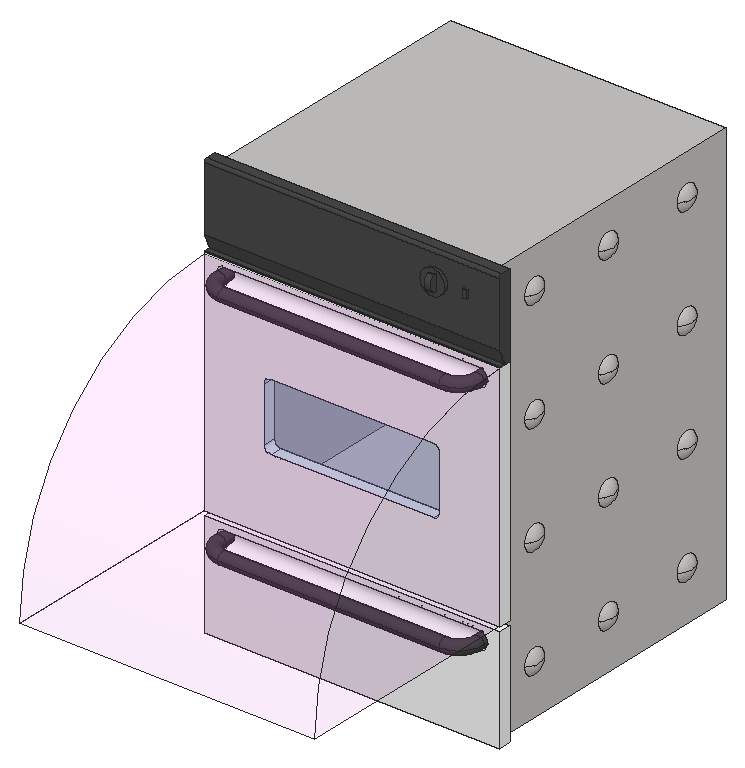
Revit family "QF_Summit_WTM7212KW_Oven", category Specialty Equipment, Revit 2020
Family settings
  Round Connector Dimension = Use Diameter
  Part Type = Normal
  Work Plane-Based = No
  Always vertical = Yes
  Cut with Voids When Loaded = No
  Shared = No
  Room Calculation Point = No
Parameters
  Weight in Pounds = 140
  Watts = if(Phase = 3, Volts * FL Amps * 1.73, Volts * FL Amps)  # 414 W
  Volts = 115 V
  URL Cutsheet = ""
  Specification by User = ""
  Specification by Manufacturer = ""
  Show Clearance [instance] = yes
  Serial Number = ""
  Seismic Rating = ""
  SMACNA No = ""
  Revision Code = ""
  Phase = 1
  Number of Poles = 1
  NAFEM Spec ID Number = ""
  Model = "WTM7212KW"
  Min Ckt Ampacity = 0 A
  Max Overcurrent Protection = 0 A
  Masterspec = ""
  Manufacturer = "Summit"
  Length = 24"
  Item Number = ""
  Installed By = ""
  Identify Quantity as Lot = yes
  Height = 34 1/2"
  HP = ""
  Furnished By = ""
  Foodservice Equipment Identifier = yes
  FL Amps = 3.6 A
  Electrical Remarks = ""
  Electric Connection Type = ""
  Elec Conn RI Height = 0"
  Elec Conn Connection Height = 0"
  Description = "Oven"
  Depth = 24"
  Default Elevation = 0"
  Cycle = 60 Hz
  Conn Plug = ""
  Conn Conduit = yes
  CSI MasterFormat = ""
  Apparent Power = if(Phase = 3, Volts * FL Amps * 1.73, Volts * FL Amps)  # 414 VA
Reference planes (in)
  plane 1 "BACK": y = 0
  plane 2: z = 0
  plane 3 "LEFT": x = 0
  plane 4 "RIGHT": x = 24
  plane 5 "FRONT": y = -24
  plane 6 "TOP": z = 34.875
  plane 7 "Center Y": x = 12
  plane 8 "Center X": y = -12
  plane 9: y = -23
  plane 10: y = -26.375
  plane 11: z = 27.75
  plane 12: z = 8.5
  plane 13: z = 8.875
  plane 14: y = -42.75
  plane 15: z = 34.5
Forms (in)
  Extrusion 1, solid, material "QF_Metal_Stainless_Polished"
    sketch origin (0, 0, 0) x (1, 0, 0) y (0, 1, 0)
      loop
        line (0.8125, 0) -> (0.8125, -23) -> (23.1875, -23) -> (23.1875, 0) -> (0.8125, 0)
    from 0 to 34.375
  Extrusion 2, solid, material "QF_Plastic_White_Smooth"
    sketch origin (0, -24, 0.125) x (1, 0, 0) y (0, 0, 1)
      loop
        line (0, 8.375) -> (0, -0.125) -> (24, -0.125) -> (24, 8.375) -> (0, 8.375)
      loop
        line (0, 8.75) -> (24, 8.75) -> (24, 27.625) -> (0, 27.625) -> (0, 8.75)
    from 0 to -1
  Extrusion 3, solid, material "QF_Plastic_Black_Smooth"
    sketch origin (0, 0, 0) x (0, 1, 0) y (0, 0, 1)
      loop
        line (-23, 34.5) -> (-23.75, 34.5)
        arc (-23.75, 34.5) -> (-23.92678, 34.42678) -> (-24, 34.25) r 0.25
        line (-24, 34.25) -> (-24, 29) -> (-23.5, 27.79419) -> (-24, 27.79419) -> (-24, 27.75) -> (-23, 27.75) -> (-23, 34.5)
    from 0 to 24
  Revolve 4, void
    sketch origin (0, -0.05469, 26.49744) x (1, 0, 0) y (0, 1, 0)
      loop
        line (1, -24.15625) -> (23, -24.15625) -> (23, -24.00262)
        arc (23, -24.00262) -> (22.82068, -23.56969) -> (22.38775, -23.39037) r 0.61225
        line (22.38775, -23.39037) -> (1.61225, -23.39037)
        arc (1.61225, -23.39037) -> (1.17932, -23.56969) -> (1, -24.00262) r 0.61225
        line (1, -24.00262) -> (1, -24.15625)
      axis (23, -24.15625) -> (1, -24.15625)
    angle from -134.169 to 145.733
  Revolve 5, void
    sketch origin (0, -0.05469, 7.32557) x (1, 0, 0) y (0, 1, 0)
      loop
        line (1, -24.15625) -> (23, -24.15625) -> (23, -24.00262)
        arc (23, -24.00262) -> (22.82068, -23.56969) -> (22.38775, -23.39037) r 0.61225
        line (22.38775, -23.39037) -> (1.61225, -23.39037)
        arc (1.61225, -23.39037) -> (1.17932, -23.56969) -> (1, -24.00262) r 0.61225
        line (1, -24.00262) -> (1, -24.15625)
      axis (23, -24.15625) -> (1, -24.15625)
    angle from -134.169 to 145.733
  Sweep 6, solid, material "QF_Metal_Black"
    path origin (0, 0, 0) x (1, 0, 0) y (0, 1, 0)
      loop
        line (1, -23.5) -> (1, -24.375)
        arc (1, -24.375) -> (1.58579, -25.78921) -> (3, -26.375) r 2
        line (3, -26.375) -> (21, -26.375)
        arc (21, -26.375) -> (22.41421, -25.78921) -> (23, -24.375) r 2
        line (23, -24.375) -> (23, -23.5)
    profile origin (12, -26.375, 0) x (0, 1, 0) y (0, 0, 1)
      loop
        circle (0.5, 26.5) r 0.5
  Sweep 7, solid, material "QF_Metal_Black"
    path origin (0, 0, -19.17187) x (1, 0, 0) y (0, 1, 0)
      loop
        line (1, -23.5) -> (1, -24.375)
        arc (1, -24.375) -> (1.58579, -25.78921) -> (3, -26.375) r 2
        line (3, -26.375) -> (21, -26.375)
        arc (21, -26.375) -> (22.41421, -25.78921) -> (23, -24.375) r 2
        line (23, -24.375) -> (23, -23.5)
    profile origin (12, -26.375, -19.17187) x (0, 1, 0) y (0, 0, 1)
      loop
        circle (0.5, 26.5) r 0.5
  Extrusion 8, solid, material "QF_Plastic_Black_Smooth"
    sketch origin (20.91227, -24, 32.63936) x (0, 0, 1) y (0, -1, 0)
      loop
        line (-0.12746, 0) -> (-0.12746, 0.10905)
        arc (-0.12746, 0.10905) -> (-0.44721, 0.08236) -> (-0.76795, 0.07343) r 5.7865
        line (-0.76795, 0.07343) -> (-0.76795, 0) -> (-0.12746, 0)
    from 0.1968 to 0.4972
  Extrusion 9, solid, material "QF_Plastic_Black_Smooth"
    sketch origin (0, -24, 29) x (0, 0, 1) y (-1, 0, 0)
      loop
        circle (3.25, -18.75) r 1
    from 0 to 0.25
  Extrusion 10, solid, material "QF_Plastic_Black_Smooth"
    sketch origin (-0.04382, 0, 0) x (0, 1, 0) y (0, 0, 1)
      loop
        line (-24.25, 32.91606) -> (-24.40555, 32.91606)
        arc (-24.40555, 32.91606) -> (-24.75, 32.2654) -> (-24.40555, 31.61474) r 0.78677
        line (-24.40555, 31.61474) -> (-24.25, 31.61474) -> (-24.25, 32.91606)
    from 19.04382 to 18.54382
  Revolve 11, solid, material "QF_Metal_Stainless_Polished"
    sketch origin (0, 0, 4.125) x (1, 0, 0) y (0, 1, 0)
      loop
        line (23.1875, -4) -> (23.6875, -4)
        arc (23.6875, -4) -> (23.55162, -3.44294) -> (23.1875, -3) r 1.28845
        line (23.1875, -3) -> (23.1875, -4)
      axis (23.1875, -4) -> (23.6875, -4)
    angle from 0 to 360
  Revolve 12, solid, material "QF_Metal_Stainless_Polished"
    sketch origin (0, 0, 13.125) x (1, 0, 0) y (0, 1, 0)
      loop
        line (23.1875, -4) -> (23.6875, -4)
        arc (23.6875, -4) -> (23.55162, -3.44294) -> (23.1875, -3) r 1.28845
        line (23.1875, -3) -> (23.1875, -4)
      axis (23.1875, -4) -> (23.6875, -4)
    angle from 0 to 360
  Revolve 13, solid, material "QF_Metal_Stainless_Polished"
    sketch origin (0, 0, 22.125) x (1, 0, 0) y (0, 1, 0)
      loop
        line (23.1875, -4) -> (23.6875, -4)
        arc (23.6875, -4) -> (23.55162, -3.44294) -> (23.1875, -3) r 1.28845
        line (23.1875, -3) -> (23.1875, -4)
      axis (23.1875, -4) -> (23.6875, -4)
    angle from 0 to 360
  Revolve 14, solid, material "QF_Metal_Stainless_Polished"
    sketch origin (0, 0, 31.125) x (1, 0, 0) y (0, 1, 0)
      loop
        line (23.1875, -4) -> (23.6875, -4)
        arc (23.6875, -4) -> (23.55162, -3.44294) -> (23.1875, -3) r 1.28845
        line (23.1875, -3) -> (23.1875, -4)
      axis (23.1875, -4) -> (23.6875, -4)
    angle from 0 to 360
  Revolve 15, solid, material "QF_Metal_Stainless_Polished"
    sketch origin (0, -8, 31.125) x (1, 0, 0) y (0, 1, 0)
      loop
        line (23.1875, -4) -> (23.6875, -4)
        arc (23.6875, -4) -> (23.55162, -3.44294) -> (23.1875, -3) r 1.28845
        line (23.1875, -3) -> (23.1875, -4)
      axis (23.1875, -4) -> (23.6875, -4)
    angle from 0 to 360
  Revolve 16, solid, material "QF_Metal_Stainless_Polished"
    sketch origin (0, -15.5, 31.125) x (1, 0, 0) y (0, 1, 0)
      loop
        line (23.1875, -4) -> (23.6875, -4)
        arc (23.6875, -4) -> (23.55162, -3.44294) -> (23.1875, -3) r 1.28845
        line (23.1875, -3) -> (23.1875, -4)
      axis (23.1875, -4) -> (23.6875, -4)
    angle from 0 to 360
  Revolve 17, solid, material "QF_Metal_Stainless_Polished"
    sketch origin (0, -8, 4.125) x (1, 0, 0) y (0, 1, 0)
      loop
        line (23.1875, -4) -> (23.6875, -4)
        arc (23.6875, -4) -> (23.55162, -3.44294) -> (23.1875, -3) r 1.28845
        line (23.1875, -3) -> (23.1875, -4)
      axis (23.1875, -4) -> (23.6875, -4)
    angle from 0 to 360
  Revolve 18, solid, material "QF_Metal_Stainless_Polished"
    sketch origin (0, -8, 13.125) x (1, 0, 0) y (0, 1, 0)
      loop
        line (23.1875, -4) -> (23.6875, -4)
        arc (23.6875, -4) -> (23.55162, -3.44294) -> (23.1875, -3) r 1.28845
        line (23.1875, -3) -> (23.1875, -4)
      axis (23.1875, -4) -> (23.6875, -4)
    angle from 0 to 360
  Revolve 19, solid, material "QF_Metal_Stainless_Polished"
    sketch origin (0, -8, 22.125) x (1, 0, 0) y (0, 1, 0)
      loop
        line (23.1875, -4) -> (23.6875, -4)
        arc (23.6875, -4) -> (23.55162, -3.44294) -> (23.1875, -3) r 1.28845
        line (23.1875, -3) -> (23.1875, -4)
      axis (23.1875, -4) -> (23.6875, -4)
    angle from 0 to 360
  Revolve 20, solid, material "QF_Metal_Stainless_Polished"
    sketch origin (0, -15.5, 4.125) x (1, 0, 0) y (0, 1, 0)
      loop
        line (23.1875, -4) -> (23.6875, -4)
        arc (23.6875, -4) -> (23.55162, -3.44294) -> (23.1875, -3) r 1.28845
        line (23.1875, -3) -> (23.1875, -4)
      axis (23.1875, -4) -> (23.6875, -4)
    angle from 0 to 360
  Revolve 21, solid, material "QF_Metal_Stainless_Polished"
    sketch origin (0, -15.5, 13.125) x (1, 0, 0) y (0, 1, 0)
      loop
        line (23.1875, -4) -> (23.6875, -4)
        arc (23.6875, -4) -> (23.55162, -3.44294) -> (23.1875, -3) r 1.28845
        line (23.1875, -3) -> (23.1875, -4)
      axis (23.1875, -4) -> (23.6875, -4)
    angle from 0 to 360
  Revolve 22, solid, material "QF_Metal_Stainless_Polished"
    sketch origin (0, -15.5, 22.125) x (1, 0, 0) y (0, 1, 0)
      loop
        line (23.1875, -4) -> (23.6875, -4)
        arc (23.6875, -4) -> (23.55162, -3.44294) -> (23.1875, -3) r 1.28845
        line (23.1875, -3) -> (23.1875, -4)
      axis (23.1875, -4) -> (23.6875, -4)
    angle from 0 to 360
  Revolve 23, solid, material "QF_Metal_Stainless_Polished"
    sketch origin (24, 0, 4.125) x (-1, 0, 0) y (0, -1, 0)
      loop
        line (23.1875, 4) -> (23.1875, 3)
        arc (23.1875, 3) -> (23.55162, 3.44294) -> (23.6875, 4) r 1.28845
        line (23.6875, 4) -> (23.1875, 4)
      axis (23.1875, 4) -> (23.6875, 4)
    angle from 0 to 360
  Revolve 24, solid, material "QF_Metal_Stainless_Polished"
    sketch origin (24, 0, 13.125) x (-1, 0, 0) y (0, -1, 0)
      loop
        line (23.1875, 4) -> (23.1875, 3)
        arc (23.1875, 3) -> (23.55162, 3.44294) -> (23.6875, 4) r 1.28845
        line (23.6875, 4) -> (23.1875, 4)
      axis (23.1875, 4) -> (23.6875, 4)
    angle from 0 to 360
  Revolve 25, solid, material "QF_Metal_Stainless_Polished"
    sketch origin (24, 0, 22.125) x (-1, 0, 0) y (0, -1, 0)
      loop
        line (23.1875, 4) -> (23.1875, 3)
        arc (23.1875, 3) -> (23.55162, 3.44294) -> (23.6875, 4) r 1.28845
        line (23.6875, 4) -> (23.1875, 4)
      axis (23.1875, 4) -> (23.6875, 4)
    angle from 0 to 360
  Revolve 26, solid, material "QF_Metal_Stainless_Polished"
    sketch origin (24, 0, 31.125) x (-1, 0, 0) y (0, -1, 0)
      loop
        line (23.1875, 4) -> (23.1875, 3)
        arc (23.1875, 3) -> (23.55162, 3.44294) -> (23.6875, 4) r 1.28845
        line (23.6875, 4) -> (23.1875, 4)
      axis (23.1875, 4) -> (23.6875, 4)
    angle from 0 to 360
  Revolve 27, solid, material "QF_Metal_Stainless_Polished"
    sketch origin (24, -8, 31.125) x (-1, 0, 0) y (0, -1, 0)
      loop
        line (23.1875, 4) -> (23.1875, 3)
        arc (23.1875, 3) -> (23.55162, 3.44294) -> (23.6875, 4) r 1.28845
        line (23.6875, 4) -> (23.1875, 4)
      axis (23.1875, 4) -> (23.6875, 4)
    angle from 0 to 360
  Revolve 28, solid, material "QF_Metal_Stainless_Polished"
    sketch origin (24, -15.5, 31.125) x (-1, 0, 0) y (0, -1, 0)
      loop
        line (23.1875, 4) -> (23.1875, 3)
        arc (23.1875, 3) -> (23.55162, 3.44294) -> (23.6875, 4) r 1.28845
        line (23.6875, 4) -> (23.1875, 4)
      axis (23.1875, 4) -> (23.6875, 4)
    angle from 0 to 360
  Revolve 29, solid, material "QF_Metal_Stainless_Polished"
    sketch origin (24, -8, 4.125) x (-1, 0, 0) y (0, -1, 0)
      loop
        line (23.1875, 4) -> (23.1875, 3)
        arc (23.1875, 3) -> (23.55162, 3.44294) -> (23.6875, 4) r 1.28845
        line (23.6875, 4) -> (23.1875, 4)
      axis (23.1875, 4) -> (23.6875, 4)
    angle from 0 to 360
  Revolve 30, solid, material "QF_Metal_Stainless_Polished"
    sketch origin (24, -8, 13.125) x (-1, 0, 0) y (0, -1, 0)
      loop
        line (23.1875, 4) -> (23.1875, 3)
        arc (23.1875, 3) -> (23.55162, 3.44294) -> (23.6875, 4) r 1.28845
        line (23.6875, 4) -> (23.1875, 4)
      axis (23.1875, 4) -> (23.6875, 4)
    angle from 0 to 360
  Revolve 31, solid, material "QF_Metal_Stainless_Polished"
    sketch origin (24, -8, 22.125) x (-1, 0, 0) y (0, -1, 0)
      loop
        line (23.1875, 4) -> (23.1875, 3)
        arc (23.1875, 3) -> (23.55162, 3.44294) -> (23.6875, 4) r 1.28845
        line (23.6875, 4) -> (23.1875, 4)
      axis (23.1875, 4) -> (23.6875, 4)
    angle from 0 to 360
  Revolve 32, solid, material "QF_Metal_Stainless_Polished"
    sketch origin (24, -15.5, 4.125) x (-1, 0, 0) y (0, -1, 0)
      loop
        line (23.1875, 4) -> (23.1875, 3)
        arc (23.1875, 3) -> (23.55162, 3.44294) -> (23.6875, 4) r 1.28845
        line (23.6875, 4) -> (23.1875, 4)
      axis (23.1875, 4) -> (23.6875, 4)
    angle from 0 to 360
  Revolve 33, solid, material "QF_Metal_Stainless_Polished"
    sketch origin (24, -15.5, 13.125) x (-1, 0, 0) y (0, -1, 0)
      loop
        line (23.1875, 4) -> (23.1875, 3)
        arc (23.1875, 3) -> (23.55162, 3.44294) -> (23.6875, 4) r 1.28845
        line (23.6875, 4) -> (23.1875, 4)
      axis (23.1875, 4) -> (23.6875, 4)
    angle from 0 to 360
  Revolve 34, solid, material "QF_Metal_Stainless_Polished"
    sketch origin (24, -15.5, 22.125) x (-1, 0, 0) y (0, -1, 0)
      loop
        line (23.1875, 4) -> (23.1875, 3)
        arc (23.1875, 3) -> (23.55162, 3.44294) -> (23.6875, 4) r 1.28845
        line (23.6875, 4) -> (23.1875, 4)
      axis (23.1875, 4) -> (23.6875, 4)
    angle from 0 to 360
  Extrusion 35, solid, material "QF_Metal_Stainless_Polished"
    sketch origin (0.8125, 0, 0) x (1, 0, 0) y (0, 0, -1)
      loop
        circle (11.1875, -33.47209) r 0.25
    from 0 to 0.0625
  Extrusion 36, void
    sketch origin (0, -24, 0.125) x (1, 0, 0) y (0, 0, 1)
      loop
        arc (19.125, 19.75) -> (18.97855, 20.10355) -> (18.625, 20.25) r 0.5
        line (18.625, 20.25) -> (5.375, 20.25)
        arc (5.375, 20.25) -> (5.02145, 20.10355) -> (4.875, 19.75) r 0.5
        line (4.875, 19.75) -> (4.875, 15.25)
        arc (4.875, 15.25) -> (5.02145, 14.89645) -> (5.375, 14.75) r 0.5
        line (5.375, 14.75) -> (18.625, 14.75)
        arc (18.625, 14.75) -> (18.97855, 14.89645) -> (19.125, 15.25) r 0.5
        line (19.125, 15.25) -> (19.125, 19.75)
    from 0.5311 to -1
  Extrusion 37, solid, material "Glass"
    sketch origin (0, -24, 0.125) x (1, 0, 0) y (0, 0, 1)
      loop
        arc (4.875, 15.25) -> (5.02145, 14.89645) -> (5.375, 14.75) r 0.5
        line (5.375, 14.75) -> (18.625, 14.75)
        arc (18.625, 14.75) -> (18.97855, 14.89645) -> (19.125, 15.25) r 0.5
        line (19.125, 15.25) -> (19.125, 19.75)
        arc (19.125, 19.75) -> (18.97855, 20.10355) -> (18.625, 20.25) r 0.5
        line (18.625, 20.25) -> (5.375, 20.25)
        arc (5.375, 20.25) -> (5.02145, 20.10355) -> (4.875, 19.75) r 0.5
        line (4.875, 19.75) -> (4.875, 15.25)
    from 0 to -1
  Extrusion 38, void
    sketch origin (0, 0, 0) x (1, 0, 0) y (0, 1, 0)
      loop
        line (2, -24.83785) -> (22, -24.83785) -> (22, -5) -> (2, -5) -> (2, -24.83785)
    from 8.875 to 27
  Extrusion 39, solid, material "QF_Clearances_Door_Drawer", visible <- "Show Clearance"
    sketch origin (0, 0, 0) x (0, 1, 0) y (0, 0, 1)
      loop
        line (-42.75, 8.875) -> (-24, 8.875) -> (-24, 27.625)
        arc (-24, 27.625) -> (-37.25825, 22.13325) -> (-42.75, 8.875) r 18.75
    from 0 to 24
Cuts and joins
  Revolve 4, Revolve 5, Extrusion 36 cuts Extrusion 2
  Extrusion 38 cuts Extrusion 1
Lines and regions (in)
  Split face 1
    outline origin (0, -24, 29) x (0, 0, 1) y (-1, 0, 0)
      loop
        arc (4.875, -1.25) -> (4.72855, -0.89645) -> (4.375, -0.75) r 0.5
        line (4.375, -0.75) -> (2.29419, -0.75)
        arc (2.29419, -0.75) -> (1.94064, -0.89645) -> (1.79419, -1.25) r 0.5
        line (1.79419, -1.25) -> (1.79419, -9)
        arc (1.79419, -9) -> (1.94064, -9.35355) -> (2.29419, -9.5) r 0.5
        line (2.29419, -9.5) -> (4.375, -9.5)
        arc (4.375, -9.5) -> (4.72855, -9.35355) -> (4.875, -9) r 0.5
        line (4.875, -9) -> (4.875, -1.25)
  Split face 2
    outline origin (0, -24, 29) x (0, 0, 1) y (-1, 0, 0)
      loop
        line (4.6875, -9) -> (4.6875, -1.25)
        arc (4.6875, -1.25) -> (4.59597, -1.02903) -> (4.375, -0.9375) r 0.3125
        line (4.375, -0.9375) -> (2.29419, -0.9375)
        arc (2.29419, -0.9375) -> (2.07322, -1.02903) -> (1.98169, -1.25) r 0.3125
        line (1.98169, -1.25) -> (1.98169, -9)
        arc (1.98169, -9) -> (2.07322, -9.22097) -> (2.29419, -9.3125) r 0.3125
        line (2.29419, -9.3125) -> (4.375, -9.3125)
        arc (4.375, -9.3125) -> (4.59597, -9.22097) -> (4.6875, -9) r 0.3125
  Split face 3
    outline origin (0, -24, 29) x (0, 0, 1) y (-1, 0, 0)
      loop
        arc (4.875, -10.54922) -> (4.72855, -10.19566) -> (4.375, -10.04922) r 0.5
        line (4.375, -10.04922) -> (2.29419, -10.04922)
        arc (2.29419, -10.04922) -> (1.94064, -10.19566) -> (1.79419, -10.54922) r 0.5
        line (1.79419, -10.54922) -> (1.79419, -22.6875)
        arc (1.79419, -22.6875) -> (1.94064, -23.04105) -> (2.29419, -23.1875) r 0.5
        line (2.29419, -23.1875) -> (4.375, -23.1875)
        arc (4.375, -23.1875) -> (4.72855, -23.04105) -> (4.875, -22.6875) r 0.5
        line (4.875, -22.6875) -> (4.875, -10.54922)
  Split face 4
    outline origin (0, -24, 29) x (0, 0, 1) y (-1, 0, 0)
      loop
        line (4.6875, -22.6875) -> (4.6875, -10.54922)
        arc (4.6875, -10.54922) -> (4.59597, -10.32825) -> (4.375, -10.23672) r 0.3125
        line (4.375, -10.23672) -> (2.29419, -10.23672)
        arc (2.29419, -10.23672) -> (2.07322, -10.32825) -> (1.98169, -10.54922) r 0.3125
        line (1.98169, -10.54922) -> (1.98169, -22.6875)
        arc (1.98169, -22.6875) -> (2.07322, -22.90847) -> (2.29419, -23) r 0.3125
        line (2.29419, -23) -> (4.375, -23)
        arc (4.375, -23) -> (4.59597, -22.90847) -> (4.6875, -22.6875) r 0.3125
  Split face 5
    outline origin (0, -24, 29) x (0, 0, 1) y (-1, 0, 0)
      loop
        line (3.61107, -3.77672) -> (2.86107, -3.77772) -> (2.86107, -6.76604) -> (3.61107, -6.76604) -> (3.61107, -3.77672)
  Split face 6
    outline origin (0, -24, 29) x (0, 0, 1) y (-1, 0, 0)
      loop
        arc (3.76732, -7.26422) -> (3.75267, -7.22887) -> (3.71732, -7.21422) r 0.05
        line (3.71732, -7.21422) -> (3.31732, -7.21422)
        arc (3.31732, -7.21422) -> (3.28196, -7.22887) -> (3.26732, -7.26422) r 0.05
        line (3.26732, -7.26422) -> (3.26732, -7.78922)
        arc (3.26732, -7.78922) -> (3.28196, -7.82458) -> (3.31732, -7.83922) r 0.05
        line (3.31732, -7.83922) -> (3.71732, -7.83922)
        arc (3.71732, -7.83922) -> (3.75267, -7.82458) -> (3.76732, -7.78922) r 0.05
        line (3.76732, -7.78922) -> (3.76732, -7.26422)
  Split face 7
    outline origin (0, -24, 29) x (0, 0, 1) y (-1, 0, 0)
      loop
        arc (3.20482, -7.26422) -> (3.19017, -7.22887) -> (3.15482, -7.21422) r 0.05
        line (3.15482, -7.21422) -> (2.75482, -7.21422)
        arc (2.75482, -7.21422) -> (2.71946, -7.22887) -> (2.70482, -7.26422) r 0.05
        line (2.70482, -7.26422) -> (2.70482, -7.78922)
        arc (2.70482, -7.78922) -> (2.71946, -7.82458) -> (2.75482, -7.83922) r 0.05
        line (2.75482, -7.83922) -> (3.15482, -7.83922)
        arc (3.15482, -7.83922) -> (3.19017, -7.82458) -> (3.20482, -7.78922) r 0.05
        line (3.20482, -7.78922) -> (3.20482, -7.26422)
  Split face 8
    outline origin (0, -24, 29) x (0, 0, 1) y (-1, 0, 0)
      loop
        line (3.76732, -3.28922) -> (3.76732, -2.76422)
        arc (3.76732, -2.76422) -> (3.75267, -2.72887) -> (3.71732, -2.71422) r 0.05
        line (3.71732, -2.71422) -> (3.31732, -2.71422)
        arc (3.31732, -2.71422) -> (3.28196, -2.72887) -> (3.26732, -2.76422) r 0.05
        line (3.26732, -2.76422) -> (3.26732, -3.28922)
        arc (3.26732, -3.28922) -> (3.28196, -3.32458) -> (3.31732, -3.33922) r 0.05
        line (3.31732, -3.33922) -> (3.71732, -3.33922)
        arc (3.71732, -3.33922) -> (3.75267, -3.32458) -> (3.76732, -3.28922) r 0.05
  Split face 9
    outline origin (0, -24, 29) x (0, 0, 1) y (-1, 0, 0)
      loop
        line (3.20482, -3.28922) -> (3.20482, -2.76422)
        arc (3.20482, -2.76422) -> (3.19017, -2.72887) -> (3.15482, -2.71422) r 0.05
        line (3.15482, -2.71422) -> (2.75482, -2.71422)
        arc (2.75482, -2.71422) -> (2.71946, -2.72887) -> (2.70482, -2.76422) r 0.05
        line (2.70482, -2.76422) -> (2.70482, -3.28922)
        arc (2.70482, -3.28922) -> (2.71946, -3.32458) -> (2.75482, -3.33922) r 0.05
        line (2.75482, -3.33922) -> (3.15482, -3.33922)
        arc (3.15482, -3.33922) -> (3.19017, -3.32458) -> (3.20482, -3.28922) r 0.05
  Split face 10
    outline origin (0, -24, 28.99886) x (0, 0, 1) y (-1, 0, 0)
      loop
        line (2.81005, -21.04657) -> (2.81005, -21.47197) -> (3.57418, -21.47197) -> (3.57418, -21.04657) -> (2.81005, -21.04657)
  Split face 11
    outline origin (0, -24, 29) x (0, 0, 1) y (-1, 0, 0)
      loop
        circle (3.35208, -16.21465) r 0.25
  Split face 12
    outline origin (0, -24, 29) x (0, 0, 1) y (-1, 0, 0)
      loop
        line (3.86007, -2.52672) -> (2.61107, -2.52672) -> (2.61107, -8.02672) -> (3.86007, -8.02572) -> (3.86007, -2.52672)
  Split face 13
    outline origin (0, -24, 29) x (0, 0, 1) y (-1, 0, 0)
      loop
        line (2.76785, -11.07996) -> (2.76785, -15.07996) -> (3.66458, -15.07996) -> (3.66458, -11.07996) -> (2.76785, -11.07996)
  Split face 14
    outline origin (0, -24, 29) x (0, 0, 1) y (-1, 0, 0)
      loop
        line (3.70482, -3.27672) -> (3.70482, -2.77672) -> (3.32982, -2.77672) -> (3.32982, -3.27672) -> (3.70482, -3.27672)
  Split face 15
    outline origin (0, -24, 29) x (0, 0, 1) y (-1, 0, 0)
      loop
        line (2.76732, -3.27672) -> (3.14232, -3.27672) -> (3.14232, -2.77672) -> (2.76732, -2.77672) -> (2.76732, -3.27672)
  Split face 16
    outline origin (0, -24, 29) x (0, 0, 1) y (-1, 0, 0)
      loop
        line (3.70482, -7.27672) -> (3.32982, -7.27672) -> (3.32982, -7.77672) -> (3.70482, -7.77672) -> (3.70482, -7.27672)
  Split face 17
    outline origin (0, -24, 29) x (0, 0, 1) y (-1, 0, 0)
      loop
        line (3.14232, -7.27672) -> (2.76732, -7.27672) -> (2.76732, -7.77672) -> (3.14232, -7.77672) -> (3.14232, -7.27672)
  symbolic lines
    curve 1: line (0, -24, 27) -> (0, -24, 26)
    curve 2: line (0.8125, 0, 0) -> (23.1875, 0, 0)
    curve 3: line (0.8125, -23, 0) -> (0.8125, 0, 0)
    curve 4: line (24, -23, 0) -> (0, -23, 0)
    curve 5: line (23.1875, 0, 0) -> (23.1875, -23, 0)
    curve 6: line (0, -23, 0) -> (0, -24, 0)
    curve 7: line (0, -24, 0) -> (24, -24, 0)
    curve 8: line (24, -24, 0) -> (24, -23, 0)
    curve 9: line (21.10907, -24, 0) -> (21.10907, -24.10905, 0)
    curve 10: line (21.10907, -24.10905, 0) -> (21.40947, -24.10905, 0)
    curve 11: line (21.40947, -24.10905, 0) -> (21.40947, -24, 0)
    curve 12: line (19.74618, -24.25, 0) -> (17.74618, -24.25, 0)
    curve 13: line (17.74618, -24.25, 0) -> (17.74618, -24, 0)
    curve 14: line (19.74618, -24.25, 0) -> (19.74618, -24, 0)
    curve 15: line (18.5, -24.25, 0) -> (18.5, -24.75, 0)
    curve 16: line (18.5, -24.75, 0) -> (19, -24.75, 0)
    curve 17: line (19, -24.75, 0) -> (19, -24.25, 0)
    curve 18: line (2.99288, -26.375, 0) -> (21.00712, -26.375, 0)
    curve 19: line (1, -24, 0) -> (1, -24.38212, 0)
    curve 20: arc (1, -24.38212, 0) -> (1.5837, -25.7913, 0) -> (2.99288, -26.375, 0) r 1.99288
    curve 21: line (2, -24, 0) -> (2, -24.375, 0)
    curve 22: line (3, -25.375, 0) -> (21, -25.375, 0)
    curve 23: arc (2, -24.375, 0) -> (2.29289, -25.0821, 0) -> (3, -25.375, 0) r 1
    curve 24: line (23, -24, 0) -> (23, -24.38212, 0)
    curve 25: arc (23, -24.38212, 0) -> (22.4163, -25.7913, 0) -> (21.00712, -26.375, 0) r 1.99288
    curve 26: line (22, -24, 0) -> (22, -24.375, 0)
    curve 27: arc (22, -24.375, 0) -> (21.70711, -25.0821, 0) -> (21, -25.375, 0) r 1
    curve 28: arc (23.1875, -3.00968, 0) -> (23.69024, -4.00968, 0) -> (23.1875, -5.00968, 0) r 1.24593
    curve 29: arc (23.1875, -11, 0) -> (23.69024, -12, 0) -> (23.1875, -13, 0) r 1.24593
    curve 30: arc (23.1875, -18.5, 0) -> (23.69024, -19.5, 0) -> (23.1875, -20.5, 0) r 1.24593
    curve 31: arc (0.8125, -3.00968, 0) -> (0.30976, -4.00968, 0) -> (0.8125, -5.00968, 0) r 1.24593
    curve 32: arc (0.8125, -11, 0) -> (0.30976, -12, 0) -> (0.8125, -13, 0) r 1.24593
    curve 33: arc (0.8125, -18.5, 0) -> (0.30976, -19.5, 0) -> (0.8125, -20.5, 0) r 1.24593
  symbolic lines, style "QF_Clearances_Door_Drawer", visible <- "Show Clearance"
    curve 34: line (0, -24, 0) -> (0, -42.75, 0)
    curve 35: line (0, -42.75, 0) -> (24, -42.75, 0)
    curve 36: line (24, -42.75, 0) -> (24, -24, 0)
Dimensions and locks (in)
  equal spacing: plane 3 "LEFT", plane 7 "Center Y", plane 4 "RIGHT"
  "Length": plane 3 "LEFT" to plane 4 "RIGHT"
  equal spacing: plane 5 "FRONT", plane 8 "Center X", plane 1 "BACK"
  "Depth": plane 5 "FRONT" to plane 1 "BACK"
  plane 6 "TOP" to level = 34 7/8"
  plane 9 to plane 1 "BACK" = 23"
  plane 10 to plane 5 "FRONT" = 2 3/8"
  plane 11 to level = 27 3/4"
  plane 12 to level = 8 1/2"
  plane 11 to plane 13 = 18 7/8"
  plane 14 to plane 1 "BACK" = 42 3/4"
  plane 9 to plane 5 "FRONT" = 1"
  cut or joined group of Extrusion 1, Extrusion 38 to cut or joined group of Extrusion 1, Extrusion 38 = 22 3/8"
  "Height": plane 15 to plane 2
  aligned and locked: level to plane 2
Automatic sketch dimensions
  curve 1 to plane 5 "FRONT" = 0"
  curve 1 to plane 11 = 1 3/4"
  curve 1 to plane 11 = 3/4"
  Extrusion 1 sketch curve to plane 9 = 0"
  plane 1 "BACK" to Extrusion 1 sketch curve = 0"
  plane 4 "RIGHT" to Extrusion 1 sketch curve = 13/16"
  Extrusion 2 sketch curve to plane 3 "LEFT" = 0"  (x2)
  plane 4 "RIGHT" to Extrusion 2 sketch curve = 0"  (x2)
  Extrusion 2 sketch curve to level = 0"
  Extrusion 2 sketch curve to plane 12 = 0"
  Extrusion 2 sketch curve to plane 13 = 0"
  Extrusion 2 sketch curve to plane 11 = 0"
  plane 5 "FRONT" to Revolve 4 sketch curve = 0.0573"
  plane 4 "RIGHT" to Revolve 4 sketch curve = 1.61225"
  Revolve 4 sketch curve to Revolve 4 sketch curve = 0.61225"  (x2)
  Revolve 4 sketch curve to Revolve 4 sketch curve = 0.15363"
  plane 5 "FRONT" to Revolve 4 sketch curve = 27/128"
  Revolve 4 sketch curve to plane 3 "LEFT" = 1 1/4"
  plane 5 "FRONT" to Revolve 5 sketch curve = 0.0573"
  plane 4 "RIGHT" to Revolve 5 sketch curve = 1.61225"
  Revolve 5 sketch curve to Revolve 5 sketch curve = 0.61225"  (x2)
  Revolve 5 sketch curve to Revolve 5 sketch curve = 0.15363"
  plane 5 "FRONT" to Revolve 5 sketch curve = 27/128"
  Revolve 5 sketch curve to plane 3 "LEFT" = 1 1/4"
  Sweep 6 sketch curve to plane 10 = 0"
  plane 5 "FRONT" to Sweep 6 sketch curve = 3/8"  (x2)
  plane 4 "RIGHT" to Sweep 6 sketch curve = 3"
  Sweep 6 sketch curve to plane 5 "FRONT" = 1/2"  (x2)
  Sweep 6 sketch curve to profile plane = 1/2"
  level to Sweep 6 sketch curve = 26 1/2"
  Sweep 7 sketch curve to plane 10 = 0"
  plane 5 "FRONT" to Sweep 7 sketch curve = 3/8"  (x2)
  plane 4 "RIGHT" to Sweep 7 sketch curve = 3"
  Sweep 7 sketch curve to plane 5 "FRONT" = 1/2"  (x2)
  Sweep 7 sketch curve to profile plane = 1/2"
  profile plane to Sweep 7 sketch curve = 26 1/2"
  Split face 1 sketch curve to Extrusion 3 = 1.79419"
  Split face 1 sketch curve to Split face 1 sketch curve = 1/2"  (x3)
  Split face 1 sketch curve to Extrusion 3 = 9 1/2"
  Split face 1 sketch curve to Extrusion 3 = 1 1/4"
  Split face 2 sketch curve to Extrusion 3 = 1.98169"
  Split face 2 sketch curve to Split face 2 sketch curve = 5/16"  (x3)
  Split face 2 sketch curve to Extrusion 3 = 9 5/16"
  Split face 2 sketch curve to Extrusion 3 = 1 1/4"
  Split face 3 sketch curve to Extrusion 3 = 1.79419"
  Split face 3 sketch curve to Split face 3 sketch curve = 1/2"  (x3)
  Split face 3 sketch curve to Extrusion 3 = 13/16"
  Split face 3 sketch curve to Extrusion 3 = 10.54922"
  Split face 4 sketch curve to Extrusion 3 = 1.98169"
  Split face 4 sketch curve to Split face 4 sketch curve = 5/16"  (x3)
  Split face 4 sketch curve to Extrusion 3 = 1"
  Split face 4 sketch curve to Extrusion 3 = 10.54922"
  Split face 5 sketch curve to Split face 5 sketch curve = 3/4"
  Split face 5 sketch curve to Extrusion 3 = 6.76604"
  Split face 5 sketch curve to Split face 5 sketch curve = 2.98832"
  Extrusion 8 sketch curve to plane 5 "FRONT" = 0"
  Extrusion 8 sketch curve to Extrusion 8 sketch curve = 0.6405"
  plane 5 "FRONT" to Extrusion 8 sketch curve = 0.07343"
  Extrusion 8 sketch curve to Extrusion 8 sketch curve = 0.10905"
  Split face 10 sketch curve to Extrusion 3 = 2.80891"
  Split face 10 sketch curve to Split face 10 sketch curve = 0.76413"
  Split face 10 sketch curve to Extrusion 3 = 2.52803"
  Split face 10 sketch curve to Split face 10 sketch curve = 0.4254"
  Extrusion 3 to Extrusion 9 sketch curve = 5 1/4"
  plane 5 "FRONT" to Extrusion 10 sketch curve = 0.40555"  (x2)
  Extrusion 10 sketch curve to Extrusion 10 sketch curve = 0.15555"
  Extrusion 10 sketch curve to plane 5 "FRONT" = 0.03677"
  Extrusion 10 sketch curve to Extrusion 10 sketch curve = 0.65066"
  Split face 11 sketch curve to Extrusion 3 = 7.78535"
  plane 4 "RIGHT" to Revolve 11 sketch curve = 1.60081"
  Revolve 11 sketch curve to Revolve 11 sketch curve = 0.78831"
  plane 4 "RIGHT" to Revolve 11 sketch curve = 5/16"
  plane 1 "BACK" to Revolve 11 sketch curve = 4.01915"
  Revolve 11 sketch curve to Revolve 11 sketch curve = 0.01915"
  Revolve 11 sketch curve to Revolve 11 sketch curve = 0"  (x2)
  Revolve 11 sketch curve to plane 4 "RIGHT" = 1 11/16"
  plane 4 "RIGHT" to Revolve 12 sketch curve = 1.60081"
  Revolve 12 sketch curve to Revolve 12 sketch curve = 0.78831"
  plane 4 "RIGHT" to Revolve 12 sketch curve = 5/16"
  plane 1 "BACK" to Revolve 12 sketch curve = 4.01915"
  Revolve 12 sketch curve to Revolve 12 sketch curve = 0.01915"
  Revolve 12 sketch curve to Revolve 12 sketch curve = 0"  (x2)
  Revolve 12 sketch curve to plane 4 "RIGHT" = 1 11/16"
  plane 4 "RIGHT" to Revolve 13 sketch curve = 1.60081"
  Revolve 13 sketch curve to Revolve 13 sketch curve = 0.78831"
  plane 4 "RIGHT" to Revolve 13 sketch curve = 5/16"
  plane 1 "BACK" to Revolve 13 sketch curve = 4.01915"
  Revolve 13 sketch curve to Revolve 13 sketch curve = 0.01915"
  Revolve 13 sketch curve to Revolve 13 sketch curve = 0"  (x2)
  Revolve 13 sketch curve to plane 4 "RIGHT" = 1 11/16"
  plane 4 "RIGHT" to Revolve 14 sketch curve = 1.60081"
  Revolve 14 sketch curve to Revolve 14 sketch curve = 0.78831"
  plane 4 "RIGHT" to Revolve 14 sketch curve = 5/16"
  plane 1 "BACK" to Revolve 14 sketch curve = 4.01915"
  Revolve 14 sketch curve to Revolve 14 sketch curve = 0.01915"
  Revolve 14 sketch curve to Revolve 14 sketch curve = 0"  (x2)
  Revolve 14 sketch curve to plane 4 "RIGHT" = 1 11/16"
  Revolve 15 sketch curve to plane 8 "Center X" = 0"  (x2)
  Revolve 15 sketch curve to plane 8 "Center X" = 0.01915"
  plane 4 "RIGHT" to Revolve 15 sketch curve = 1.60081"
  Revolve 15 sketch curve to Revolve 15 sketch curve = 0.78831"
  plane 4 "RIGHT" to Revolve 15 sketch curve = 5/16"
  Revolve 15 sketch curve to Revolve 15 sketch curve = 0"
  Revolve 15 sketch curve to plane 4 "RIGHT" = 1 11/16"
  plane 4 "RIGHT" to Revolve 16 sketch curve = 1.60081"
  Revolve 16 sketch curve to Revolve 16 sketch curve = 0.78831"
  plane 4 "RIGHT" to Revolve 16 sketch curve = 5/16"
  plane 9 to Revolve 16 sketch curve = 3.48085"
  Revolve 16 sketch curve to Revolve 16 sketch curve = 0.01915"
  Revolve 16 sketch curve to Revolve 16 sketch curve = 0"  (x2)
  Revolve 16 sketch curve to plane 4 "RIGHT" = 1 11/16"
  Revolve 17 sketch curve to plane 8 "Center X" = 0"  (x2)
  Revolve 17 sketch curve to plane 8 "Center X" = 0.01915"
  plane 4 "RIGHT" to Revolve 17 sketch curve = 1.60081"
  Revolve 17 sketch curve to Revolve 17 sketch curve = 0.78831"
  plane 4 "RIGHT" to Revolve 17 sketch curve = 5/16"
  Revolve 17 sketch curve to Revolve 17 sketch curve = 0"
  Revolve 17 sketch curve to plane 4 "RIGHT" = 1 11/16"
  Revolve 18 sketch curve to plane 8 "Center X" = 0"  (x2)
  Revolve 18 sketch curve to plane 8 "Center X" = 0.01915"
  plane 4 "RIGHT" to Revolve 18 sketch curve = 1.60081"
  Revolve 18 sketch curve to Revolve 18 sketch curve = 0.78831"
  plane 4 "RIGHT" to Revolve 18 sketch curve = 5/16"
  Revolve 18 sketch curve to Revolve 18 sketch curve = 0"
  Revolve 18 sketch curve to plane 4 "RIGHT" = 1 11/16"
  Revolve 19 sketch curve to plane 8 "Center X" = 0"  (x2)
  Revolve 19 sketch curve to plane 8 "Center X" = 0.01915"
  plane 4 "RIGHT" to Revolve 19 sketch curve = 1.60081"
  Revolve 19 sketch curve to Revolve 19 sketch curve = 0.78831"
  plane 4 "RIGHT" to Revolve 19 sketch curve = 5/16"
  Revolve 19 sketch curve to Revolve 19 sketch curve = 0"
  Revolve 19 sketch curve to plane 4 "RIGHT" = 1 11/16"
  plane 4 "RIGHT" to Revolve 20 sketch curve = 1.60081"
  Revolve 20 sketch curve to Revolve 20 sketch curve = 0.78831"
  plane 4 "RIGHT" to Revolve 20 sketch curve = 5/16"
  plane 9 to Revolve 20 sketch curve = 3.48085"
  Revolve 20 sketch curve to Revolve 20 sketch curve = 0.01915"
  Revolve 20 sketch curve to Revolve 20 sketch curve = 0"  (x2)
  Revolve 20 sketch curve to plane 4 "RIGHT" = 1 11/16"
  plane 4 "RIGHT" to Revolve 21 sketch curve = 1.60081"
  Revolve 21 sketch curve to Revolve 21 sketch curve = 0.78831"
  plane 4 "RIGHT" to Revolve 21 sketch curve = 5/16"
  plane 9 to Revolve 21 sketch curve = 3.48085"
  Revolve 21 sketch curve to Revolve 21 sketch curve = 0.01915"
  Revolve 21 sketch curve to Revolve 21 sketch curve = 0"  (x2)
  Revolve 21 sketch curve to plane 4 "RIGHT" = 1 11/16"
  plane 4 "RIGHT" to Revolve 22 sketch curve = 1.60081"
  Revolve 22 sketch curve to Revolve 22 sketch curve = 0.78831"
  plane 4 "RIGHT" to Revolve 22 sketch curve = 5/16"
  plane 9 to Revolve 22 sketch curve = 3.48085"
  Revolve 22 sketch curve to Revolve 22 sketch curve = 0.01915"
  Revolve 22 sketch curve to Revolve 22 sketch curve = 0"  (x2)
  Revolve 22 sketch curve to plane 4 "RIGHT" = 1 11/16"
  plane 3 "LEFT" to Revolve 23 sketch curve = 5/16"
  plane 1 "BACK" to Revolve 23 sketch curve = 3"
  Revolve 23 sketch curve to Revolve 23 sketch curve = 1"
  Revolve 23 sketch curve to Revolve 23 sketch curve = 0"  (x2)
  Revolve 23 sketch curve to plane 3 "LEFT" = 1 11/16"
  plane 3 "LEFT" to Revolve 24 sketch curve = 5/16"
  plane 1 "BACK" to Revolve 24 sketch curve = 3"
  Revolve 24 sketch curve to Revolve 24 sketch curve = 1"
  Revolve 24 sketch curve to Revolve 24 sketch curve = 0"  (x2)
  Revolve 24 sketch curve to plane 3 "LEFT" = 1 11/16"
  plane 3 "LEFT" to Revolve 25 sketch curve = 5/16"
  plane 1 "BACK" to Revolve 25 sketch curve = 3"
  Revolve 25 sketch curve to Revolve 25 sketch curve = 1"
  Revolve 25 sketch curve to Revolve 25 sketch curve = 0"  (x2)
  Revolve 25 sketch curve to plane 3 "LEFT" = 1 11/16"
  plane 3 "LEFT" to Revolve 26 sketch curve = 5/16"
  plane 1 "BACK" to Revolve 26 sketch curve = 3"
  Revolve 26 sketch curve to Revolve 26 sketch curve = 1"
  Revolve 26 sketch curve to Revolve 26 sketch curve = 0"  (x2)
  Revolve 26 sketch curve to plane 3 "LEFT" = 1 11/16"
  Revolve 27 sketch curve to plane 8 "Center X" = 0"  (x2)
  Revolve 27 sketch curve to plane 8 "Center X" = 0.01915"
  plane 3 "LEFT" to Revolve 27 sketch curve = 5/16"
  Revolve 27 sketch curve to Revolve 27 sketch curve = 0"
  Revolve 27 sketch curve to plane 3 "LEFT" = 1 11/16"
  plane 3 "LEFT" to Revolve 28 sketch curve = 5/16"
  plane 9 to Revolve 28 sketch curve = 4 1/2"
  Revolve 28 sketch curve to Revolve 28 sketch curve = 1"
  Revolve 28 sketch curve to Revolve 28 sketch curve = 0"  (x2)
  Revolve 28 sketch curve to plane 3 "LEFT" = 1 11/16"
  Revolve 29 sketch curve to plane 8 "Center X" = 0"  (x2)
  Revolve 29 sketch curve to plane 8 "Center X" = 0.01915"
  plane 3 "LEFT" to Revolve 29 sketch curve = 5/16"
  Revolve 29 sketch curve to Revolve 29 sketch curve = 0"
  Revolve 29 sketch curve to plane 3 "LEFT" = 1 11/16"
  Revolve 30 sketch curve to plane 8 "Center X" = 0"  (x2)
  Revolve 30 sketch curve to plane 8 "Center X" = 0.01915"
  plane 3 "LEFT" to Revolve 30 sketch curve = 5/16"
  Revolve 30 sketch curve to Revolve 30 sketch curve = 0"
  Revolve 30 sketch curve to plane 3 "LEFT" = 1 11/16"
  Revolve 31 sketch curve to plane 8 "Center X" = 0"  (x2)
  Revolve 31 sketch curve to plane 8 "Center X" = 0.01915"
  plane 3 "LEFT" to Revolve 31 sketch curve = 5/16"
  Revolve 31 sketch curve to Revolve 31 sketch curve = 0"
  Revolve 31 sketch curve to plane 3 "LEFT" = 1 11/16"
  plane 3 "LEFT" to Revolve 32 sketch curve = 5/16"
  plane 9 to Revolve 32 sketch curve = 4 1/2"
  Revolve 32 sketch curve to Revolve 32 sketch curve = 1"
  Revolve 32 sketch curve to Revolve 32 sketch curve = 0"  (x2)
  Revolve 32 sketch curve to plane 3 "LEFT" = 1 11/16"
  plane 3 "LEFT" to Revolve 33 sketch curve = 5/16"
  plane 9 to Revolve 33 sketch curve = 4 1/2"
  Revolve 33 sketch curve to Revolve 33 sketch curve = 1"
  Revolve 33 sketch curve to Revolve 33 sketch curve = 0"  (x2)
  Revolve 33 sketch curve to plane 3 "LEFT" = 1 11/16"
  plane 3 "LEFT" to Revolve 34 sketch curve = 5/16"
  plane 9 to Revolve 34 sketch curve = 4 1/2"
  Revolve 34 sketch curve to Revolve 34 sketch curve = 1"
  Revolve 34 sketch curve to Revolve 34 sketch curve = 0"  (x2)
  Revolve 34 sketch curve to plane 3 "LEFT" = 1 11/16"
  Extrusion 1 to Extrusion 35 sketch curve = 0.90291"
  Extrusion 35 sketch curve to Extrusion 1 = 11 3/16"
  Extrusion 37 sketch curve to Extrusion 2 = 4 7/8"
  Extrusion 37 sketch curve to Extrusion 37 sketch curve = 1/2"  (x3)
  Extrusion 37 sketch curve to Extrusion 2 = 5 3/8"
  Extrusion 37 sketch curve to Extrusion 37 sketch curve = 0"
  Extrusion 37 sketch curve to Extrusion 2 = 6"
  Extrusion 37 sketch curve to Extrusion 37 sketch curve = 4 1/2"
  Extrusion 38 sketch curve to plane 9 = 1.83785"
  plane 4 "RIGHT" to Extrusion 38 sketch curve = 2"
  plane 1 "BACK" to Extrusion 38 sketch curve = 5"
  Extrusion 8 sketch curve to plane 6 "TOP" = 3.00359"
  Extrusion 8 sketch curve to plane 6 "TOP" = 3.00417"
  Extrusion 10 sketch curve to plane 6 "TOP" = 3.26026"
  plane 3 "LEFT" to Extrusion 1 sketch curve = 13/16"
  plane 3 "LEFT" to Revolve 4 sketch curve = 1"
  Revolve 4 sketch curve to Revolve 4 sketch curve = 0"
  plane 3 "LEFT" to Revolve 5 sketch curve = 1"
  Revolve 5 sketch curve to Revolve 5 sketch curve = 0"
  plane 3 "LEFT" to Sweep 6 sketch curve = 3"
  plane 3 "LEFT" to Sweep 7 sketch curve = 3"
  Revolve 23 sketch curve to Revolve 23 sketch curve = 1/2"
  Revolve 23 sketch curve to Revolve 23 sketch curve = 0.78831"
  Revolve 24 sketch curve to Revolve 24 sketch curve = 1/2"
  Revolve 24 sketch curve to Revolve 24 sketch curve = 0.78831"
  Revolve 25 sketch curve to Revolve 25 sketch curve = 1/2"
  Revolve 25 sketch curve to Revolve 25 sketch curve = 0.78831"
  Revolve 26 sketch curve to Revolve 26 sketch curve = 1/2"
  Revolve 26 sketch curve to Revolve 26 sketch curve = 0.78831"
  Revolve 27 sketch curve to Revolve 27 sketch curve = 1/2"
  Revolve 27 sketch curve to Revolve 27 sketch curve = 0.78831"
  Revolve 28 sketch curve to Revolve 28 sketch curve = 1/2"
  Revolve 28 sketch curve to Revolve 28 sketch curve = 0.78831"
  Revolve 29 sketch curve to Revolve 29 sketch curve = 1/2"
  Revolve 29 sketch curve to Revolve 29 sketch curve = 0.78831"
  Revolve 30 sketch curve to Revolve 30 sketch curve = 1/2"
  Revolve 30 sketch curve to Revolve 30 sketch curve = 0.78831"
  Revolve 31 sketch curve to Revolve 31 sketch curve = 1/2"
  Revolve 31 sketch curve to Revolve 31 sketch curve = 0.78831"
  Revolve 32 sketch curve to Revolve 32 sketch curve = 1/2"
  Revolve 32 sketch curve to Revolve 32 sketch curve = 0.78831"
  Revolve 33 sketch curve to Revolve 33 sketch curve = 1/2"
  Revolve 33 sketch curve to Revolve 33 sketch curve = 0.78831"
  Revolve 34 sketch curve to Revolve 34 sketch curve = 1/2"
  Revolve 34 sketch curve to Revolve 34 sketch curve = 0.78831"
  plane 3 "LEFT" to Extrusion 38 sketch curve = 2"
  Extrusion 39 sketch curve to plane 14 = 0"
  Extrusion 39 sketch curve to plane 5 "FRONT" = 0"
  Extrusion 39 sketch curve to plane 13 = 0"
  curve 4 to plane 3 "LEFT" = 0"
  plane 1 "BACK" to curve 3 = 0"
  curve 3 to plane 9 = 0"
  plane 5 "FRONT" to curve 19 = 0"
  curve 32 to plane 8 "Center X" = 0"
  curve 18 to plane 10 = 0"
  curve 29 to plane 8 "Center X" = 0"
  plane 3 "LEFT" to curve 3 = 13/16"
  plane 5 "FRONT" to curve 19 = 0.38212"
  plane 3 "LEFT" to curve 19 = 1"
  curve 31 to curve 31 = 0.74319"
  curve 32 to curve 32 = 0.74319"
  curve 33 to curve 33 = 0.74319"
  plane 5 "FRONT" to curve 21 = 3/8"
  curve 21 to curve 20 = 0.99288"
  curve 20 to curve 22 = 0.00712"
  plane 5 "FRONT" to curve 12 = 1/4"
  plane 7 "Center Y" to curve 12 = 5.74618"
  curve 12 to curve 15 = 0.75382"
  curve 15 to curve 16 = 1/2"
  curve 17 to curve 14 = 0.74618"
  plane 5 "FRONT" to curve 10 = 0.10905"
  curve 12 to curve 10 = 1.36288"
  curve 22 to curve 9 = 0.10907"
  curve 22 to curve 18 = 0.00712"
  curve 9 to curve 11 = 0.3004"
  plane 5 "FRONT" to curve 26 = 3/8"
  plane 4 "RIGHT" to curve 28 = 1.55569"
  plane 4 "RIGHT" to curve 29 = 1.55569"
  plane 4 "RIGHT" to curve 30 = 1.55569"
  plane 5 "FRONT" to curve 24 = 0.38212"
  plane 4 "RIGHT" to curve 2 = 13/16"
  curve 16 to curve 17 = 1/2"
  plane 9 to curve 33 = 3 1/2"
  plane 9 to curve 30 = 3 1/2"
  plane 1 "BACK" to curve 28 = 4.00968"
  plane 1 "BACK" to curve 31 = 4.00968"
  curve 33 to curve 33 = 1"
  curve 30 to curve 30 = 1"
  curve 32 to plane 8 "Center X" = 1"
  curve 29 to plane 8 "Center X" = 1"
  curve 31 to curve 31 = 1"
  curve 28 to curve 28 = 1"
  curve 34 to plane 14 = 0"
  curve 35 to plane 4 "RIGHT" = 0"
  Split face 12 sketch curve to Extrusion 3 = 2.61107"
  Split face 12 sketch curve to Split face 12 sketch curve = 1.249"
  Split face 12 sketch curve to Extrusion 3 = 8.02572"
  Split face 12 sketch curve to Extrusion 3 = 2.52672"
  Split face 13 sketch curve to Extrusion 3 = 8.92004"
  Split face 13 sketch curve to Split face 13 sketch curve = 0.89673"
  Split face 13 sketch curve to Split face 13 sketch curve = 4"
  Split face 5 sketch curve to Split face 5 sketch curve = 0.001"
  Split face 6 sketch curve to Split face 6 sketch curve = 0.05"  (x4)
  Split face 6 sketch curve to Split face 6 sketch curve = 0.4"
  Split face 6 sketch curve to Extrusion 3 = 7.83922"
  Split face 6 sketch curve to Split face 6 sketch curve = 0.525"
  Split face 7 sketch curve to Extrusion 3 = 2.70482"
  Split face 7 sketch curve to Split face 7 sketch curve = 0.05"  (x3)
  Split face 7 sketch curve to Split face 7 sketch curve = 0.4"  (x2)
  Split face 7 sketch curve to Extrusion 3 = 7.83922"
  Split face 7 sketch curve to Split face 7 sketch curve = 0.525"
  Split face 8 sketch curve to Split face 8 sketch curve = 0.05"  (x3)
  Split face 8 sketch curve to Split face 8 sketch curve = 0.4"  (x2)
  Split face 8 sketch curve to Extrusion 3 = 3.33922"
  Split face 8 sketch curve to Split face 8 sketch curve = 0.525"
  Split face 9 sketch curve to Extrusion 3 = 2.70482"
  Split face 9 sketch curve to Split face 9 sketch curve = 0.05"  (x3)
  Split face 9 sketch curve to Split face 9 sketch curve = 0.4"  (x2)
  Split face 9 sketch curve to Extrusion 3 = 3.33922"
  Split face 9 sketch curve to Split face 9 sketch curve = 0.525"
  Split face 12 sketch curve to Split face 12 sketch curve = 0.001"
  Split face 14 sketch curve to Split face 14 sketch curve = 3/8"
  Split face 14 sketch curve to Extrusion 3 = 3.27672"
  Split face 14 sketch curve to Split face 14 sketch curve = 1/2"
  Split face 15 sketch curve to Extrusion 3 = 2.76732"
  Split face 15 sketch curve to Split face 15 sketch curve = 3/8"
  Split face 15 sketch curve to Extrusion 3 = 3.27672"
  Split face 15 sketch curve to Split face 15 sketch curve = 1/2"
  Split face 16 sketch curve to Split face 16 sketch curve = 3/8"
  Split face 16 sketch curve to Extrusion 3 = 7.77672"
  Split face 16 sketch curve to Split face 16 sketch curve = 1/2"
  Split face 17 sketch curve to Extrusion 3 = 2.76732"
  Split face 17 sketch curve to Split face 17 sketch curve = 3/8"
  Split face 17 sketch curve to Extrusion 3 = 7.77672"
  Split face 17 sketch curve to Split face 17 sketch curve = 1/2"
  Extrusion 36 sketch curve to Extrusion 2 = 4 7/8"
  Extrusion 36 sketch curve to Extrusion 36 sketch curve = 1/2"  (x3)
  Extrusion 36 sketch curve to Extrusion 2 = 5 3/8"
  Extrusion 36 sketch curve to Extrusion 36 sketch curve = 0"
  Extrusion 36 sketch curve to Extrusion 2 = 6"
  Extrusion 36 sketch curve to Extrusion 36 sketch curve = 4 1/2"
  Extrusion 3 sketch curve to plane 5 "FRONT" = 0"  (x2)
  Extrusion 3 sketch curve to plane 15 = 0"
  Extrusion 3 sketch curve to plane 9 = 0"
  Extrusion 3 sketch curve to plane 11 = 0"
  Extrusion 3 sketch curve to Extrusion 3 sketch curve = 1/4"
  plane 11 to Extrusion 3 sketch curve = 0.04419"
  Extrusion 3 sketch curve to Extrusion 3 sketch curve = 1/2"
  Extrusion 3 sketch curve to Extrusion 3 sketch curve = 1.20581"
  Split face 1 sketch curve to Extrusion 3 = 7/8"  (x2)
  Split face 2 sketch curve to Extrusion 3 = 7/8"  (x2)
  Split face 3 sketch curve to Extrusion 3 = 7/8"  (x2)
  Split face 4 sketch curve to Extrusion 3 = 7/8"  (x2)
  Split face 5 sketch curve to Extrusion 3 = 2.38893"
  Split face 6 sketch curve to Extrusion 3 = 1.98268"
  Split face 8 sketch curve to Extrusion 3 = 1.98268"
  Extrusion 9 sketch curve to Extrusion 3 = 2"
  Split face 11 sketch curve to Extrusion 3 = 1.89792"
  Split face 13 sketch curve to Extrusion 3 = 2.48215"
  Split face 14 sketch curve to Extrusion 3 = 1.92018"
  Split face 16 sketch curve to Extrusion 3 = 1.92018"
  radius of Sweep 6 sketch curve = 1/2"
  radius of Sweep 7 sketch curve = 1/2"
  radius of Extrusion 9 sketch curve = 1"
  radius of Split face 11 sketch curve = 1/4"
  radius of Extrusion 35 sketch curve = 1/4"
